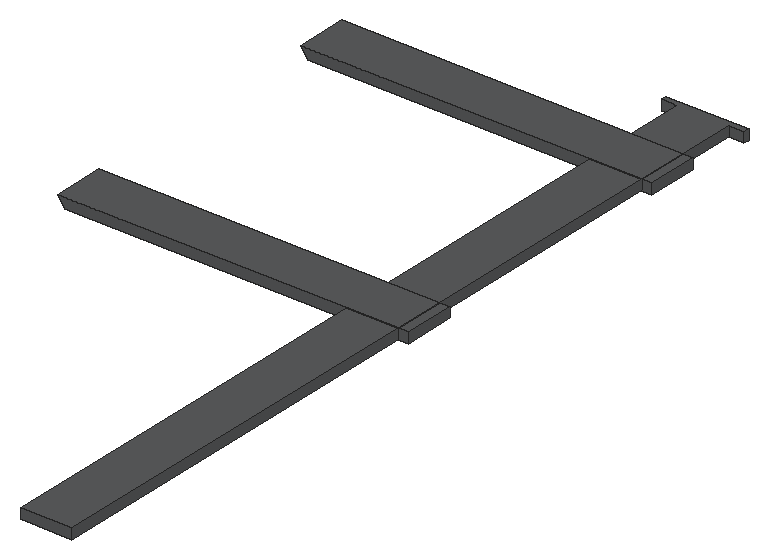
Revit family "Countertop-Supports_Centerline-Brackets_Island-Support-System", category Casework, Revit 2026
Family settings
  Classification Number = 23.40.35.11
  Work Plane-Based = No
  Always vertical = Yes
  Cut with Voids When Loaded = No
  Shared = No
  Room Calculation Point = No
Parameters (values of type "ISS")
  Width [instance] = Support 2 Length + 1/4"  # 17 1/4"
  URL = "https://www.countertopbracket.com"
  Support 3 Length [instance] = 17"
  Support 3 Angle [instance] = if([Support 3 - 45 Degree], 45.00°, if([Support 3 - 60 Degree], 60.00°, 90.00°))  # 90.00°
  Support 3 - 60 Degree [instance] = no
  Support 3 - 45 Degree [instance] = no
  Support 3 [instance] = no
  Support 2 Length [instance] = 17"
  Support 2 Angle [instance] = if([Support 2 - 45 Degree], 45.00°, if([Support 2 - 60 Degree], 60.00°, 90.00°))  # 90.00°
  Support 2 - 60 Degree [instance] = no
  Support 2 - 45 Degree [instance] = no
  Support 2 [instance] = yes
  Support 1 Length [instance] = 17"
  Support 1 Angle [instance] = if([Support 1 - 45 Degree], 45.00°, if([Support 1 - 60 Degree], 60.00°, 90.00°))  # 90.00°
  Support 1 - 60 Degree [instance] = no
  Support 1 - 45 Degree [instance] = no
  Support 1 [instance] = yes
  Standard Configurations [instance] = "Standard systems are typically designed to be placed in a 24 inch deep cabinet and would have 2 extensions.  If your cabinet is under 15 inches deep, we would only suggest 1 extension.  Cabinets 36 inches or larger in depth would require a total of 3 extensions.  \r\nWhen supporting overhangs that are more than 15 inches deep on both sides, extensions can be angled outward to better support the corners."  # constant formula
  Spanning Support System [instance] = no
  Product data url = "https://www.bimobject.com/centerline_brackets/product/island-support-system"
  Product Material = Centerline Brackets - Steel - Powder Coated - Black (B)
  Placement Height [instance] = 34 1/2"
  Modified Island Bracket Length [instance] = 40"
  Island Bracket Modified Limits [instance] = "Available sizes: 28“ to 44“ "  # constant formula
  IBM [instance] = not(Spanning Support System)  # yes
  Horizontal Support Limits [instance] = "Available sizes: 17“ to 33“ "  # constant formula
  Model = "ISS-B"
  Manufacturer = "Centerline Brackets"  # constant formula
  Length [instance] = Island Bracket Modified Length Control  # 40"
  Keynote = "12000"
  Island Bracket Modified Length Control [instance] = if(Modified Island Bracket Length < 28", 28", if(and(IBM, Modified Island Bracket Length > 44"), 44", roundup(Modified Island Bracket Length / 1") * 1"))  # 40"
  Height = 1/2"  # constant formula
  Finish Note = "When choosing an alternative finish, please remember to update the model number to reflect the chosen finish."  # constant formula
  Finish = "Available Powder Coat Finishes; White (W), Black (B)"  # constant formula
  Distance to Support 3 [instance] = 33 1/2"
  Distance to Support 2 [instance] = 19"
  Distance to Support 1 [instance] = 4 9/32"
  Description = "Island Support Bracket System"
  Depth [instance] = 0"
  Default Elevation = 0"
  Custom Product [instance] = "While Island Support Bracket Systems are fully customizable, please contact Centerline Brackets to discuss restrictions and confirm availability before specifying a custom product."  # constant formula
  Assembly Code = "E2010200"
Reference planes (in)
  plane 1 "Center (Front/Back)": y = 0
  plane 2: z = 0
  plane 3 "Center (Left/Right)": x = 0
  plane 4: y = -4.28125
  plane 5: y = -19
  plane 6: z = 34.5
  plane 7: y = -40
  plane 8: x = 2
  plane 9: x = -15.25
  plane 10: y = -3.03125
  plane 11: y = -33.5
  plane 12: x = 1.25
  plane 13: x = -1.25
Lines and regions (in)
  reference lines
    curve 1: line (0, -4.28125, 0) -> (-4.25, -4.28125, 0)
    curve 2: line (0, -4.28125, 0) -> (0, -9.78125, 0)
    curve 3: line (0, -19, 0) -> (-4.25, -19, 0)
    curve 4: line (0, -19, 0) -> (0, -24.5, 0)
    curve 5: line (0, -33.5, 0) -> (-4.25, -33.5, 0)
    curve 6: line (0, -33.5, 0) -> (0, -39, 0)
Dimensions and locks (in)
  "Placement Height": plane 6 to plane 2
  "Length": plane 7 to plane 1 "Center (Front/Back)"
  "Width": plane 9 to plane 8
  locked: plane 3 "Center (Left/Right)" to plane 8 at 2
  locked: plane 10 to plane 4 at 1.25
  plane 10 to plane 1 "Center (Front/Back)" = 3 1/32"
  "Distance to Support 2": plane 5 to plane 1 "Center (Front/Back)"
  "Distance to Support 1": plane 4 to plane 1 "Center (Front/Back)"
  "Distance to Support 3": plane 11 to plane 1 "Center (Front/Back)"
  locked: curve 1 to curve 2 (angle 90.00°)
  locked: curve 3 to curve 4 (angle 90.00°)
  locked: curve 5 to curve 6 (angle 90.00°)
  "Support 2 Angle": angle curve 3 to plane 3 "Center (Left/Right)"
  "Support 3 Angle": angle curve 5 to plane 3 "Center (Left/Right)"
  "Support 1 Angle": angle plane 3 "Center (Left/Right)" to curve 1
  aligned and locked: plane 2 to level
  aligned and locked: nested 1 to plane 6
  aligned and locked: nested 2 to plane 6
  aligned and locked: plane 1 "Center (Front/Back)" to nested 3
  aligned and locked: plane 3 "Center (Left/Right)" to nested 3
  aligned and locked: nested 3 to plane 6
  aligned and locked: plane 3 "Center (Left/Right)" to curve 2
  aligned and locked: plane 4 to curve 2
  aligned and locked: plane 11 to curve 6
  aligned and locked: plane 3 "Center (Left/Right)" to curve 6
  aligned and locked: plane 5 to curve 4
  aligned and locked: plane 3 "Center (Left/Right)" to curve 4
  aligned and locked: nested 1 to curve 2
  aligned and locked: nested 1 to curve 1
  aligned and locked: nested 2 to curve 4
  aligned and locked: nested 2 to curve 3
  aligned and locked: nested 4 to curve 5
  aligned and locked: nested 4 to curve 6
  aligned and locked: plane 1 "Center (Front/Back)" to nested 5
  aligned and locked: plane 3 "Center (Left/Right)" to nested 5
  aligned and locked: nested 4 to plane 6
  aligned and locked: nested 5 to plane 6
Nested families (in)
  nested 1: "H11H" at (1.75, -4.28125, 34) x (0, -1, 0) z (0, 0, 1), Length <- "Support 1 Length", visible <- "Support 1", Angle <- "Support 1 Angle", type "H11H"
    with Length 17", AngleBracketOffset 0", Angle 90.00°
  nested 2: "H11H" at (1.75, -19, 34) x (0, -1, 0) z (0, 0, 1), Length <- "Support 2 Length", visible <- "Support 2", Angle <- "Support 2 Angle", type "H11H"
    with Length 17", AngleBracketOffset 0", Angle 90.00°
  nested 3: "IBM" at (0, 0, 34), visible <- "IBM", type "IBM"
    with Length 40"
  nested 4: "H11H" at (1.75, -33.5, 34) x (0, -1, 0) z (0, 0, 1), Length <- "Support 3 Length", visible <- "Support 3", Angle <- "Support 3 Angle", type "H11H"
    with Length 17", AngleBracketOffset 0", Angle 90.00°
  nested 5: "SpanningBracket" at (0, 0, 34), visible <- "Spanning Support System", type "Geometry"
    with Length 40"
Definition of nested family "H11H"
  Parameters (values of type "H11H")
    URL = ""
    Product Material = none
    Manufacturer = ""
    Length [instance] = 17"
    Height = 1/2"
    Default Elevation = 48"
    AngleBracketOffset [instance] = if(not(Angle = 90.00°), 3.3", 0")  # 0"
    Angle [instance] = 90.00°
  Reference planes (in)
    plane 1 "Center (Front/Back)": y = 0
    plane 2: z = 0
    plane 3 "Center (Left/Right)": x = 0
    plane 4: y = -17
    plane 5: z = 0.5
    plane 6: y = -1.75
    plane 7: y = 0
    plane 8: y = -17
  Forms (in)
    Extrusion 1, solid, material <- "Product Material"
      sketch origin (0, 0, 0) x (0, 1, 0) y (0, 0, 1)
        loop
          line (0, 0) -> (0, 0.5) -> (-17, 0.5) -> (-16.6499, 0) -> (0, 0)
      from -1.25 to 1.25
  Lines and regions (in)
    Masking region 1
      outline origin (0, 0, 0) x (1, 0, 0) y (0, 1, 0)
        loop
          line (-1.25, 0) -> (-1.25, -17) -> (1.25, -17) -> (1.25, 0) -> (-1.25, 0)
    model lines, detail levels medium+fine
      curve 1: circle (0, -1.75, 0.5) r 0.255 normal (0, 0, 1)
    symbolic lines, detail levels medium+fine
      curve 2: circle (0, -1.75, 0.5) r 0.255 normal (0, 0, 1)
  Dimensions and locks (in)
    "Length": plane 1 "Center (Front/Back)" to plane 4
    "Height": plane 5 to plane 2
    "AngleBracketOffset": plane 7 to plane 1 "Center (Front/Back)"
    "Length": plane 7 to plane 8
    locked: plane 6 to plane 1 "Center (Front/Back)" at 1.75
    locked: Extrusion 1 sketch curve to plane 4 (angle 35.00°)
    aligned and locked: plane 2 to level
    aligned and locked: Extrusion 1 sketch curve to plane 5
    aligned and locked: plane 3 "Center (Left/Right)" to curve 1
    aligned and locked: plane 6 to curve 1
    aligned and locked: plane 3 "Center (Left/Right)" to curve 2
    aligned and locked: plane 6 to curve 2
    aligned and locked: plane 7 to Extrusion 1 sketch curve
    aligned and locked: Extrusion 1 sketch curve to plane 2
    aligned and locked: plane 8 to Extrusion 1 sketch curve
    aligned and locked: Masking region 1 sketch curve to plane 7
    aligned and locked: plane 8 to Masking region 1 sketch curve
  Automatic sketch dimensions
    Masking region 1 sketch curve to plane 3 "Center (Left/Right)" = 1 1/4"
    plane 3 "Center (Left/Right)" to Masking region 1 sketch curve = 1 1/4"
    radius of curve 1 = 0.255"
    radius of curve 2 = 0.255"
Definition of nested family "IBM"
  Parameters (values of type "IBM")
    Product Material = none
    Length = 28"
    Default Elevation = 0"
  Reference planes (in)
    plane 1 "Center (Front/Back)": y = 0
    plane 2: z = 0
    plane 3 "Center (Left/Right)": x = 0
    plane 4: y = -28
  Forms (in)
    Extrusion 1, solid, material <- "Product Material"
      sketch origin (0, 0, 0) x (1, 0, 0) y (0, 1, 0)
        loop
          line (-2, 0) -> (-2, -0.25) -> (-1.25, -0.25) -> (-1.25, -28) -> (1.25, -28) -> (1.25, -0.25) -> (2, -0.25) -> (2, 0) -> (-2, 0)
      from 0 to 0.5
  Lines and regions (in)
    Masking region 1
      outline origin (0, 0, 0) x (1, 0, 0) y (0, 1, 0)
        loop
          line (-1.25, -0.25) -> (-1.25, -28) -> (1.25, -28) -> (1.25, -0.25) -> (2, -0.25) -> (2, 0) -> (-2, 0) -> (-2, -0.25) -> (-1.25, -0.25)
  Dimensions and locks (in)
    Extrusion 1 sketch curve to Extrusion 1 sketch curve to plane 1 "Center (Front/Back)" = 0" locked, 1/4" locked
    "Length": plane 4 to plane 1 "Center (Front/Back)"
    aligned and locked: plane 2 to level
    aligned and locked: plane 4 to Extrusion 1 sketch curve
    aligned and locked: plane 1 "Center (Front/Back)" to Extrusion 1 sketch curve
    aligned and locked: Masking region 1 sketch curve to plane 4
    aligned and locked: Masking region 1 sketch curve to plane 1 "Center (Front/Back)"
  Automatic sketch dimensions
    Extrusion 1 sketch curve to plane 3 "Center (Left/Right)" = 2"
    Extrusion 1 sketch curve to Extrusion 1 sketch curve = 3/4"  (x2)
    plane 3 "Center (Left/Right)" to Extrusion 1 sketch curve = 1 1/4"
    Masking region 1 sketch curve to plane 3 "Center (Left/Right)" = 2"
    Masking region 1 sketch curve to plane 3 "Center (Left/Right)" = 1 1/4"
    plane 3 "Center (Left/Right)" to Masking region 1 sketch curve = 1 1/4"
    Masking region 1 sketch curve to Masking region 1 sketch curve = 3/4"
    plane 1 "Center (Front/Back)" to Masking region 1 sketch curve = 1/4"  (x2)
Definition of nested family "SpanningBracket"
  Parameters (values of type "Geometry")
    URL = ""
    Product Material = none
    Manufacturer = ""
    Length = 24"
    Height = 1/2"
    Default Elevation = 0"
  Reference planes (in)
    plane 1 "Center (Front/Back)": y = 0
    plane 2: z = 0
    plane 3 "Center (Left/Right)": x = 0
    plane 4: y = -24
    plane 5: z = 0.5
    plane 6: x = -1.25
    plane 7: x = 1.25
  Forms (in)
    Extrusion 1, solid, material <- "Product Material"
      sketch origin (0, 0, 0) x (0, 1, 0) y (0, 0, 1)
        loop
          line (-0.3501, 0) -> (0, 0.5) -> (-24, 0.5) -> (-23.6499, 0) -> (-0.3501, 0)
      from -1.25 to 1.25
  Lines and regions (in)
    Masking region 1
      outline origin (0, 0, 0) x (1, 0, 0) y (0, 1, 0)
        loop
          line (-1.25, 0) -> (-1.25, -24) -> (1.25, -24) -> (1.25, 0) -> (-1.25, 0)
  Dimensions and locks (in)
    "Length": plane 1 "Center (Front/Back)" to plane 4
    "Height": plane 5 to plane 2
    locked: plane 1 "Center (Front/Back)" to Extrusion 1 sketch curve at 0.3501
    locked: Extrusion 1 sketch curve to plane 4 at 0.3501
    aligned and locked: plane 2 to level
    aligned and locked: plane 4 to Extrusion 1 sketch curve
    aligned and locked: Extrusion 1 sketch curve to plane 5
    aligned and locked: plane 1 "Center (Front/Back)" to Masking region 1 sketch curve
    aligned and locked: plane 4 to Masking region 1 sketch curve
  Automatic sketch dimensions
    Masking region 1 sketch curve to plane 3 "Center (Left/Right)" = 1 1/4"
    plane 3 "Center (Left/Right)" to Masking region 1 sketch curve = 1 1/4"
    Extrusion 1 sketch curve to level = 0"
    Extrusion 1 sketch curve to plane 1 "Center (Front/Back)" = 0"
